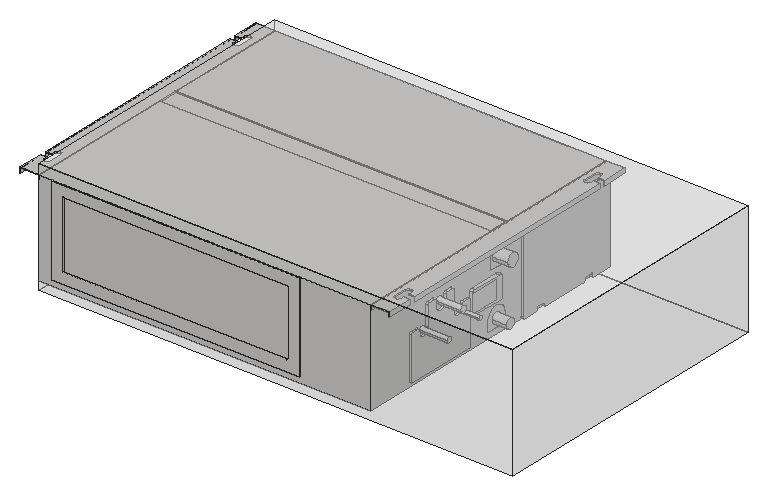
Revit family "outputfile", category 機械設備, Revit 2024
Family settings
  丸型コネクタ寸法 = 半径を使用
  パーツ タイプ = 標準
  OmniClass 番号 = 23.75.10.24.21.27.27
  OmniClass タイトル = Split System Air Conditioning Units
  作業面ベース = いいえ
  常に垂直 = はい
  ロード時にボイドで切り取り = いいえ
  注釈の向きを維持 = いいえ
  共有 = いいえ
  部屋計算ポイント = はい
Parameters (values of type "FPRAQ32APVM")
  Description = ""
  製造元 = "Daikin"
  書き出し IFC クラス(タイプ) = "IfcUnitaryEquipmentType"
  定義済み IFC タイプ(タイプ) = "AIRCONDITIONINGUNIT"
  Cost = 0
  モデル = "FPRAQ32APVM"
  Type Comments = ""
  Keynote = ""
  Type Image = (empty or 0)
  Assembly Code = ""
  r_HP/LP Gas Pipe Size = [HP/LP Gas Pipe Size] / 2  # 4.75 mm
  lw_suctionflange = 40.0 mm  # constant formula
  r_Liquid Pipe Size = Liquid Pipe Size / 2  # 3.2 mm
  r_Gas Pipe Size = Gas Pipe Size / 2  # 6.35 mm
  r_Drain Pipe Size = Drain Pipe Size / 2  # 13.0 mm
  lw_dischargeflange = 61.0 mm
  lw_SA_left = 351.0 mm
  lw_SA = Width - 178.0 mm  # 522.0 mm
  lw_RA = 618.0 mm
  lw_HP/LP Gas = 60.0 mm  # constant formula
  lh_suctionflange [instance] = if(Rear Connection_Return Air, -100.0 mm, -10.0 mm)  # -100.0 mm
  lh_power = 100.0 mm  # constant formula
  lh_mountinghole1 = lh_mountinghole  # 200.0 mm
  lh_dischargeflange = 105.5 mm  # constant formula
  lh_RA = 198.0 mm  # constant formula
  lh_HP/LP Gas = -103.0 mm  # constant formula
  left_pipe = no
  ld_dischargeflange = 310.0 mm  # constant formula
  ld_suctionflange [instance] = if(Rear Connection_Return Air, 190.0 mm, 100.0 mm)  # 190.0 mm
  ld_HP/LP Gas = 179.0 mm  # constant formula
  angle_vertical_RA [instance] = if(Rear Connection_Return Air, 90.00°, 0.00°)  # 90.00°
  angle horizontal_RA [instance] = if(Rear Connection_Return Air, 180.00°, 270.00°)  # 180.00°
  Voltage_comment_60Hz = "220-230"
  Voltage_comment_50Hz = "220 - 240"
  Voltage_60Hz = 220 V
  Voltage_50Hz = 230 V
  URL = ""
  Supply Air Direction [instance] = yes
  Sound Power Level_H speed (dB) = 0
  Rear Connection_Return Air [instance] = not(Bottom Connection_Return Air)  # yes
  ld_RA = 190.0 mm  # constant formula
  Phase_60Hz = 1
  Phase_50Hz = 1
  Minimum External Static Pressure = 0.00 Pa
  Minimum Circuit Amps_60Hz = 0.48 A
  Minimum Circuit Amps_50Hz = 0.48 A
  Maximum Fuse Amps_60Hz = 16.0 A
  Maximum Fuse Amps_50Hz = 16.0 A
  Maximum External Static Pressure = 10.00 Pa
  Material_Casing = DAIKIN_GalvanizedSteel_Casing_indoorunit
  lw_mountinghole = 740.0 mm
  lh_gaspipe = -67.0 mm  # constant formula
  lh_mountinghole = 200.0 mm  # constant formula
  lh_liquidpipe = -103.0 mm  # constant formula
  lh_drainpipe = -50.0 mm  # constant formula
  lh_antena = 1.0 mm  # constant formula
  ld_drainpipe = 23.0 mm  # constant formula
  ld_liquidpipe = 89.0 mm  # constant formula
  ld_gaspipe = 134.0 mm  # constant formula
  ld_mountinghole = 500.0 mm  # constant formula
  h*** = 100.0 mm  # constant formula
  lw_liquidpipe = 54.5 mm  # constant formula
  lw_gaspipe = 54.5 mm  # constant formula
  lw_drainpipe = 33.0 mm  # constant formula
  Width = 700.0 mm
  Version = "ver.1.0"
  Unit Type = "Moisture Control 3D Air Flow Ceiling Mounted Duct Type"
  Unit Mass Weight = 24.00 kg
  Unit Designation [instance] = ""
  Uniclass2015Version = "Products v1.30"
  Uniclass2015Title = "Variable refrigerant flow units"
  Uniclass2015Code = "Pr_70_65_03_94"
  Total Cooling Capacity [instance] = 0.000 kW
  Sound Pressure Level_M speed (dBA) = 29
  Sound Pressure Level_L speed (dBA) = 25
  Sound Pressure Level_H speed (dBA) = 32
  Series = "VRV HOME_Fan Coil Unit"
  Sensible Cooling Capacity [instance] = 0.000 kW
  SA Duct Size Width = 456.0 mm
  SA Duct Size Height = 141.0 mm
  Refrigerant Type = "R410A"
  RA Duct Size Width = 580.0 mm
  RA Duct Size Height = 160.0 mm
  Power Input (Cooling) = 0.036 kW
  Option Accessory 3 [instance] = ""
  Option Accessory 2 [instance] = ""
  Option Accessory 1 [instance] = ""
  Nominal Cooling Capacity = 3.600 kW
  Minimum Airflow = 348.00 m³/h
  Median Airflow = 408.00 m³/h
  Maximum Airflow = 498.00 m³/h
  Load Classification = HVAC
  Liquid Pipe Size = 6.4 mm
  Link_Nested Family [instance] = ""
  IfcVersion = ""
  IfcExportType = "AIRCONDITIONINGUNIT"
  IfcExportAs = "IfcUnitaryEquipmentType"
  Height = 200.0 mm
  Heat Exchanger Type = "Cross Fin Coil"
  HP/LP Gas Pipe Size = 9.5 mm
  Gas Pipe Size = 12.7 mm
  Frequency_60Hz = 60 Hz
  Frequency_50Hz = 50 Hz
  Fan Type = "Sirocco Fan"
  Fan Drive = "Direct Drive"
  FCU Tag No. [instance] = ""
  Drain Pipe Size = 26.0 mm
  Design Supply Airflow [instance] = 0.00 m³/h
  Design Return Airflow [instance] = 0.00 m³/h
  Design External Static Pressure [instance] = 0.00 Pa
  Depth = 620.0 mm
  既定の高さ = 0.0 mm
  Cooling Entering Wet Bulb Temperature [instance] = 0.00 °C
  Cooling Entering Dry Bulb Temperature [instance] = 0.00 °C
  Cooling Ambient Wet Bulb Temperature [instance] = 0.00 °C
  Cooling Ambient Dry Bulb Temperature [instance] = 0.00 °C
  Clearance visibility [instance] = yes
  Clearance Top = 20.0 mm
  Clearance Right = 300.0 mm
  Clearance Rear = 0.0 mm
  Clearance Left = 0.0 mm
  Clearance Front = 0.0 mm
  Clearance Bottom = 20.0 mm
  Bottom Connection_Return Air [instance] = no
Reference planes
  plane 1 "Center (Front/Back)": y = 0
  plane 2 "h": z = 0
  plane 3 "Center (Left/Right)": x = 0
  plane 4 "Back": y = 310
  plane 5 "Front": y = -310
  plane 6 "Left": x = -350
  plane 7 "Reight": x = 350
  plane 8 "Top": z = 0
  plane 9 "Bottom": z = -200
  plane 10: z = 1.2
  plane 11: z = -2
  plane 12: y = -136.255
  plane 13: y = -88.831
  plane 14: x = -370
  plane 15 "lh_mountinghole": z = 0
  plane 16: z = -50
  plane 17: y = -250
  plane 18: y = 250
  plane 19 "ld_liquidpipe": y = -89
  plane 20 "ld_gaspipe": y = -134
  plane 21: y = -215
  plane 22 "ld_drainpipe": y = 23
  plane 23: x = -370
  plane 24: x = -350
  plane 25: x = 348.7
  plane 26: x = 383
  plane 27: x = 357
  plane 28: x = 360
  plane 29: x = 358
  plane 30: x = 370
  plane 31: y = 20
  plane 32: x = 380
  plane 33: x = 348
  plane 34: y = 310
  plane 35: y = -310
  plane 36: x = -350
  plane 37: x = 650
  plane 38: z = 20
  plane 39: z = -220
  plane 40: y = 335
  plane 41: z = -198
  plane 42: z = 205.102
  plane 43 "d_liquid_pipe": x = 404.5
  plane 44 "d_gas_pipe": x = 404.5
  plane 45 "ld_SA": y = -310
  plane 46: x = -350
  plane 47: x = -61
  plane 48: y = 500
  plane 49: z = -94.5
  plane 50: x = -349
  plane 51: z = -199
  plane 52: z = -1
  plane 53: y = 120
  plane 54: y = 110
  plane 55: z = -10
  plane 56 "RA_width": x = -40
  plane 57: y = 210
  plane 58 "RA_depth": y = 120
  plane 59: z = -100
  plane 60: x = -349
  plane 61: y = 309
  plane 62: x = 241.57
  plane 63: z = -30
  plane 64 "ld_HP/LP Gas": y = -179
  plane 65: x = 410
  plane 66: x = 330.5
  plane 67: y = 260.8
  plane 68 "h115": z = -84.79
  plane 69: y = 194.79
Forms (mm)
  Extrusion 1, solid, material "DAIKIN_GalvanizedSteel_Casing_indoorunit" <- "Material_Casing"
    sketch origin (0, 0, 0) x (1, 0, 0) y (0, 1, 0)
      loop
        line (-350, 310) -> (-350, -310) -> (350, -310) -> (350, 310) -> (-350, 310)
    from -200 to 0
  Extrusion 2, solid, material "DAIKIN_GalvanizedSteel_Casing_indoorunit" <- "Material_Casing"
    sketch origin (0, 0, 0) x (0, 1, 0) y (0, 0, 1)
      loop
        arc (22.012, -86.909) -> (21.133, -84.787) -> (19.012, -83.909) r 3
        line (19.012, -83.909) -> (-47.992, -83.909)
        arc (-47.992, -83.909) -> (-50.114, -84.788) -> (-50.992, -86.91) r 3
        line (-50.992, -86.91) -> (-50.992, -128.409)
        arc (-50.992, -128.409) -> (-50.114, -130.53) -> (-47.992, -131.409) r 3
        line (-47.992, -131.409) -> (19.012, -131.409)
        arc (19.012, -131.409) -> (21.133, -130.53) -> (22.012, -128.409) r 3
        line (22.012, -128.409) -> (22.012, -86.909)
    from 350 to 360
  Extrusion 3, void
    sketch origin (0, 0, 0) x (1, 0, 0) y (0, 1, 0)
      loop
        line (348.7, 48.53) -> (-350, 48.53) -> (-350, 6.27) -> (348.7, 6.27) -> (348.7, 48.53)
    from -2 to 0
  Extrusion 4, void
    sketch origin (0, 0, 0) x (0, 1, 0) y (0, 0, 1)
      loop
        line (-138.492, -87.409) -> (-138.492, -127.909) -> (9.612, -127.909) -> (9.612, -87.409) -> (-138.492, -87.409)
    from 358 to 360
  Extrusion 5, solid, material "DAIKIN_GalvanizedSteel_Casing_indoorunit" <- "Material_Casing"
    sketch origin (0, 0, 0) x (0, 1, 0) y (0, 0, 1)
      loop
        circle (20, -170) r 10
    from 350 to 380
  Extrusion 6, solid, material "DAIKIN_GalvanizedSteel_Casing_indoorunit" <- "Material_Casing"
    sketch origin (0, 0, 0) x (0, 1, 0) y (0, 0, 1)
      loop
        circle (23, -50) r 13
    from 348 to 383
  Extrusion 7, void
    sketch origin (0, 0, 0) x (0, 1, 0) y (0, 0, 1)
      loop
        arc (2.051, -70.461) -> (3.512, -73.988) -> (7.039, -75.449) r 4.988
        line (7.039, -75.449) -> (38.961, -75.449)
        arc (38.961, -75.449) -> (42.488, -73.988) -> (43.949, -70.461) r 4.988
        line (43.949, -70.461) -> (43.949, -34.039)
        arc (43.949, -34.039) -> (42.488, -30.512) -> (38.961, -29.051) r 4.988
        line (38.961, -29.051) -> (7.039, -29.051)
        arc (7.039, -29.051) -> (3.512, -30.512) -> (2.051, -34.039) r 4.988
        line (2.051, -34.039) -> (2.051, -70.461)
      loop
        arc (44.442, -169.501) -> (20.002, -145.061) -> (-4.438, -169.501) r 24.44
        line (-4.438, -169.501) -> (-4.438, -189.537) -> (44.442, -189.537) -> (44.442, -169.501)
    from 348 to 350
  Extrusion 8, solid
    sketch origin (0, 0, 0) x (0, 1, 0) y (0, 0, 1)
      loop
        circle (-89, -103) r 3.2
    from 350 to 404.5
  Extrusion 9, solid
    sketch origin (0, 0, 0) x (0, 1, 0) y (0, 0, 1)
      loop
        circle (-134, -67) r 6.35
    from 350 to 404.5
  Extrusion 10, solid, material "DAIKIN_GalvanizedSteel_Casing_indoorunit" <- "Material_Casing"
    sketch origin (0, 0, 0) x (1, 0, 0) y (0, 1, 0)
      loop
        circle (330.5, 260.8) r 17.5
    from -198 to -200
  Extrusion 11, void
    sketch origin (0, 0, 0) x (1, 0, 0) y (0, 0, 1)
      loop
        line (-349, -1) -> (-349, -199) -> (269, -199) -> (269, -1) -> (-349, -1)
    from -310 to -120
  Extrusion 12, void
    sketch origin (0, 0, 0) x (1, 0, 0) y (0, 1, 0)
      loop
        line (-349, 309) -> (-349, 111) -> (269, 111) -> (269, 309) -> (-349, 309)
    from -200 to -10
  Extrusion 13, solid, material "DAIKIN_GalvanizedSteel_Casing_indoorunit" <- "Material_Casing", visible <- "Rear Connection_Return Air"
    sketch origin (0, 0, 0) x (1, 0, 0) y (0, 1, 0)
      loop
        line (269, 309) -> (-349, 309) -> (-349, 111) -> (269, 111) -> (269, 309)
    from -200 to -199
  Extrusion 14, solid, material "DAIKIN_GalvanizedSteel_Casing_indoorunit" <- "Material_Casing", visible <- "Bottom Connection_Return Air"
    sketch origin (0, 0, 0) x (1, 0, 0) y (0, 0, 1)
      loop
        line (269, -1) -> (-349, -1) -> (-349, -199) -> (269, -199) -> (269, -1)
    from -310 to -300
  Extrusion 15, solid
    sketch origin (0, 0, 0) x (0, 1, 0) y (0, 0, 1)
      loop
        circle (-179, -103) r 4.75
    from 350 to 410
  Extrusion 16, solid, material "DAIKIN_GalvanizedSteel_Casing_indoorunit" <- "Material_Casing"
    sketch origin (0, 0, 0) x (0, 1, 0) y (0, 0, 1)
      loop
        arc (83.953, -195.012) -> (84.829, -197.128) -> (86.945, -198.005) r 2.993
        line (86.945, -198.005) -> (116.373, -198.005)
        arc (116.373, -198.005) -> (118.489, -197.128) -> (119.366, -195.012) r 2.993
        line (119.366, -195.012) -> (119.366, -188.29)
        arc (119.366, -188.29) -> (120.862, -186.794) -> (122.359, -188.29) r 1.496
        line (122.359, -188.29) -> (122.359, -190.333) -> (137.322, -190.333) -> (137.322, -188.29)
        arc (137.322, -188.29) -> (138.818, -186.794) -> (140.315, -188.29) r 1.496
        line (140.315, -188.29) -> (140.315, -195.012)
        arc (140.315, -195.012) -> (141.191, -197.128) -> (143.307, -198.005) r 2.993
        line (143.307, -198.005) -> (241.068, -198.005)
        arc (241.068, -198.005) -> (243.185, -197.128) -> (244.061, -195.012) r 2.993
        line (244.061, -195.012) -> (244.061, -188.29)
        arc (244.061, -188.29) -> (245.558, -186.794) -> (247.054, -188.29) r 1.496
        line (247.054, -188.29) -> (247.054, -190.333) -> (262.017, -190.333) -> (262.017, -188.29)
        arc (262.017, -188.29) -> (263.514, -186.794) -> (265.01, -188.29) r 1.496
        line (265.01, -188.29) -> (265.01, -195.012)
        arc (265.01, -195.012) -> (265.887, -197.128) -> (268.003, -198.005) r 2.993
        line (268.003, -198.005) -> (310, -198.005) -> (310, -22.445) -> (280.969, -22.445) -> (277.477, -25.937) -> (207.648, -25.937) -> (204.157, -22.445) -> (86.945, -22.445)
        arc (86.945, -22.445) -> (84.829, -23.322) -> (83.953, -25.438) r 2.993
        line (83.953, -25.438) -> (83.953, -195.012)
      loop
        arc (-116.44, -57.656) -> (-118.563, -58.535) -> (-119.443, -60.659) r 3.003
        line (-119.443, -60.659) -> (-119.443, -71.5)
        arc (-119.443, -71.5) -> (-134, -86.057) -> (-148.557, -71.5) r 14.557
        line (-148.557, -71.5) -> (-148.557, -60.659)
        arc (-148.557, -60.659) -> (-149.437, -58.535) -> (-151.56, -57.656) r 3.003
        line (-151.56, -57.656) -> (-164.073, -57.656)
        arc (-164.073, -57.656) -> (-166.196, -58.535) -> (-167.076, -60.659) r 3.003
        line (-167.076, -60.659) -> (-167.076, -103)
        arc (-167.076, -103) -> (-179.13, -115.055) -> (-191.185, -103) r 12.055
        line (-191.185, -103) -> (-191.185, -98.897)
        arc (-191.185, -98.897) -> (-192.064, -96.774) -> (-194.188, -95.894) r 3.003
        line (-194.188, -95.894) -> (-208.202, -95.894)
        arc (-208.202, -95.894) -> (-210.325, -96.774) -> (-211.205, -98.897) r 3.003
        line (-211.205, -98.897) -> (-211.205, -189.537) -> (-58.882, -189.537) -> (-58.882, -98.897)
        arc (-58.882, -98.897) -> (-59.762, -96.774) -> (-61.885, -95.894) r 3.003
        line (-61.885, -95.894) -> (-74.026, -95.894)
        arc (-74.026, -95.894) -> (-76.15, -96.774) -> (-77.029, -98.897) r 3.003
        line (-77.029, -98.897) -> (-77.029, -103)
        arc (-77.029, -103) -> (-88.977, -114.948) -> (-100.924, -103) r 11.948
        line (-100.924, -103) -> (-100.924, -60.659)
        arc (-100.924, -60.659) -> (-101.804, -58.535) -> (-103.927, -57.656) r 3.003
        line (-103.927, -57.656) -> (-116.44, -57.656)
    from 350 to 357
  Revolve 17, solid, material "DAIKIN_GalvanizedSteel_Casing_indoorunit" <- "Material_Casing", visible <- "left_pipe"
    sketch origin (0, 0, -84.79) x (0, 1, 0) y (-1, 0, 0)
      loop
        line (194.79, 350) -> (194.79, 365.7) -> (187.29, 365.7) -> (187.29, 358.7) -> (177.29, 358.7) -> (177.29, 350) -> (194.79, 350)
      axis (194.79, 365.7) -> (194.79, 350)
    angle from 0 to 360
Cuts and joins
  Extrusion 3, Extrusion 4, Extrusion 7, Extrusion 11, Extrusion 12 cuts Extrusion 1
  Extrusion 4 cuts Extrusion 2
  Extrusion 11 cuts Extrusion 6
Dimensions and locks
  "Height": plane 8 "Top" to plane 9 "Bottom"
  locked: plane 10 to plane 8 "Top" at 1.2
  locked: plane 8 "Top" to plane 11 at 2
  equal spacing: plane 17, plane 1 "Center (Front/Back)", plane 18
  "ld_mountinghole": plane 17 to plane 18
  "ld_gaspipe": plane 20 "ld_gaspipe" to plane 1 "Center (Front/Back)"
  "ld_liquidpipe": plane 19 "ld_liquidpipe" to plane 1 "Center (Front/Back)"
  equal spacing: plane 4 "Back", plane 1 "Center (Front/Back)", plane 5 "Front"
  "Depth": plane 4 "Back" to plane 5 "Front"
  locked: plane 12 to plane 1 "Center (Front/Back)" at 136.255
  locked: plane 12 to plane 13 at 47.425
  locked: plane 13 to plane 1 "Center (Front/Back)" at 88.831
  equal spacing: plane 6 "Left", plane 3 "Center (Left/Right)", plane 7 "Reight"
  "Width": plane 6 "Left" to plane 7 "Reight"
  "lw_drainpipe": plane 7 "Reight" to plane 26
  locked: plane 7 "Reight" to plane 27 at 7
  locked: plane 28 to plane 26 at 23
  locked: plane 29 to plane 26 at 25
  equal spacing: plane 23, plane 3 "Center (Left/Right)", plane 30
  "lw_mountinghole": plane 23 to plane 30
  locked: plane 7 "Reight" to plane 32 at 30
  locked: plane 33 to plane 7 "Reight" at 2
  "Clearance Left": plane 36 to plane 6 "Left"
  "Clearance Right": plane 7 "Reight" to plane 37
  "Clearance Rear": plane 34 to plane 4 "Back"
  "Clearance Front": plane 5 "Front" to plane 35
  "Clearance Top": plane 38 to plane 8 "Top"
  "Clearance Bottom": plane 9 "Bottom" to plane 39
  locked: plane 40 to plane 4 "Back" at 25
  locked: plane 25 to plane 7 "Reight" at 1.3
  locked: plane 41 to plane 9 "Bottom" at 2
  "lw_liquidpipe": plane 7 "Reight" to plane 43 "d_liquid_pipe"
  "lw_gaspipe": plane 7 "Reight" to plane 44 "d_gas_pipe"
  "lh_mountinghole": plane 15 "lh_mountinghole" to plane 9 "Bottom"
  "ld_suctionflange": plane 48 to plane 4 "Back"
  "lw_dischargeflange": plane 47 to plane 3 "Center (Left/Right)"
  "lh_dischargeflange": plane 49 to plane 9 "Bottom"
  locked: plane 8 "Top" to plane 52 at 1
  locked: plane 50 to plane 6 "Left" at 1
  locked: plane 51 to plane 9 "Bottom" at 1
  locked: plane 55 to plane 9 "Bottom" at 190
  locked: plane 4 "Back" to plane 53 at 190
  locked: plane 4 "Back" to plane 54 at 200
  locked: plane 4 "Back" to plane 57 at 100
  "lw_suctionflange": plane 56 "RA_width" to plane 3 "Center (Left/Right)"
  "ld_suctionflange": plane 4 "Back" to plane 58 "RA_depth"
  "lh_power": plane 59 to plane 9 "Bottom"
  locked: plane 46 to plane 60 at 1
  locked: plane 34 to plane 61 at 1
  locked: plane 8 "Top" to plane 63 at 30
  locked: plane 7 "Reight" to plane 62 at 108.43
  locked: plane 16 to plane 9 "Bottom" at 150
  locked: Extrusion 3 sketch curve to Extrusion 3 sketch curve at 42.26
  "ld_HP/LP Gas": plane 64 "ld_HP/LP Gas" to plane 1 "Center (Front/Back)"
  "ld_drainpipe": plane 1 "Center (Front/Back)" to plane 22 "ld_drainpipe"
  locked: plane 1 "Center (Front/Back)" to plane 31 at 20
  locked: Extrusion 5 sketch curve to plane 9 "Bottom" at 30
  Extrusion 15 sketch curve to plane 9 "Bottom" = 97.0 mm
  "lw_HP/LP Gas": plane 7 "Reight" to plane 65
  locked: Extrusion 9 sketch curve to plane 9 "Bottom" at 133
  locked: Extrusion 8 sketch curve to plane 9 "Bottom" at 97
  plane 66 to plane 7 "Reight" = 19.5 mm
  locked: plane 68 "h115" to plane 9 "Bottom" at 115.21
  locked: plane 4 "Back" to plane 69 at 115.21
  Revolve 17 sketch curve to plane 6 "Left" = 8.7 mm
  Revolve 17 sketch curve to plane 6 "Left" = 15.7 mm
  locked: plane 69 to Revolve 17 sketch curve at 17.5
  locked: plane 69 to Revolve 17 sketch curve at 7.5
  "ld_dischargeflange": plane 45 "ld_SA" to plane 1 "Center (Front/Back)"
  plane 4 "Back" to cut or joined group of Extrusion 1, Extrusion 3, Extrusion 4, Extrusion 7, Extrusion 11, Extrusion 12 = 261.47 mm
  plane 4 "Back" to plane 67 = 49.2 mm
  "Drain Pipe Size": diameter of Extrusion 6 sketch curve
  "Liquid Pipe Size": diameter of Extrusion 8 sketch curve
  "Gas Pipe Size": diameter of Extrusion 9 sketch curve
  "HP/LP Gas Pipe Size": diameter of Extrusion 15 sketch curve
  aligned and locked: level to plane 2 "h"
  aligned and locked: plane 8 "Top" to Extrusion 1
  aligned and locked: Extrusion 1 to plane 9 "Bottom"
  aligned and locked: Extrusion 3 to plane 11
  aligned and locked: plane 8 "Top" to Extrusion 3
  aligned and locked: Extrusion 2 to Extrusion 4
  aligned and locked: nested 3 to plane 20 "ld_gaspipe"
  aligned and locked: nested 4 to plane 19 "ld_liquidpipe"
  aligned and locked: nested 5 to plane 22 "ld_drainpipe"
  aligned and locked: nested 1 to plane 7 "Reight"
  aligned and locked: plane 6 "Left" to plane 24
  aligned and locked: Extrusion 3 sketch curve to plane 24
  aligned and locked: Extrusion 3 sketch curve to plane 25
  aligned and locked: cut or joined group of Extrusion 1, Extrusion 3, Extrusion 4, Extrusion 7, Extrusion 11, Extrusion 12 to plane 6 "Left"
  aligned and locked: plane 7 "Reight" to cut or joined group of Extrusion 1, Extrusion 3, Extrusion 4, Extrusion 7, Extrusion 11, Extrusion 12
  aligned and locked: plane 26 to Extrusion 6
  aligned and locked: Extrusion 6 to plane 26  (x2)
  aligned and locked: plane 7 "Reight" to nested 1
  aligned and locked: plane 28 to cut or joined group of Extrusion 2, Extrusion 4
  aligned and locked: cut or joined group of Extrusion 2, Extrusion 4 to plane 29
  aligned and locked: nested 2 to plane 6 "Left"
  aligned and locked: plane 31 to Extrusion 5 sketch curve
  aligned and locked: Extrusion 5 to plane 7 "Reight"
  aligned and locked: plane 32 to Extrusion 5
  aligned and locked: Extrusion 2 to plane 7 "Reight"
  aligned and locked: plane 7 "Reight" to Extrusion 7
  aligned and locked: plane 33 to Extrusion 7
  aligned and locked: plane 33 to Extrusion 6
  aligned and locked: plane 3 "Center (Left/Right)" to nested 6
  aligned and locked: plane 1 "Center (Front/Back)" to nested 6
  aligned and locked: plane 4 "Back" to cut or joined group of Extrusion 1, Extrusion 3, Extrusion 4, Extrusion 7, Extrusion 11, Extrusion 12
  aligned and locked: nested 7 to plane 35
  aligned and locked: plane 36 to nested 7
  aligned and locked: plane 37 to nested 7
  aligned and locked: nested 7 to plane 36
  aligned and locked: plane 34 to nested 7
  aligned and locked: plane 38 to nested 7
  aligned and locked: plane 39 to nested 7
  aligned and locked: Extrusion 8 to plane 7 "Reight"
  aligned and locked: plane 43 "d_liquid_pipe" to Extrusion 8
  aligned and locked: plane 20 "ld_gaspipe" to Extrusion 9 sketch curve
  aligned and locked: Extrusion 9 to plane 7 "Reight"
  aligned and locked: plane 44 "d_gas_pipe" to Extrusion 9
  aligned and locked: plane 44 "d_gas_pipe" to nested 3
  aligned and locked: plane 43 "d_liquid_pipe" to nested 4
  aligned and locked: plane 19 "ld_liquidpipe" to Extrusion 8 sketch curve
  aligned and locked: plane 15 "lh_mountinghole" to nested 2
  aligned and locked: plane 15 "lh_mountinghole" to nested 1
  aligned and locked: plane 30 to nested 8
  aligned and locked: plane 17 to nested 8
  aligned and locked: plane 30 to nested 11
  aligned and locked: plane 18 to nested 11
  aligned and locked: plane 23 to nested 9
  aligned and locked: plane 18 to nested 9
  aligned and locked: plane 23 to nested 10
  aligned and locked: plane 17 to nested 10
  aligned and locked: plane 47 to nested 12
  aligned and locked: plane 49 to nested 12
  aligned and locked: Extrusion 10 to plane 9 "Bottom"
  aligned and locked: nested 13 to plane 9 "Bottom"
  aligned and locked: plane 50 to Extrusion 11 sketch curve
  aligned and locked: Extrusion 11 sketch curve to plane 52
  aligned and locked: plane 51 to Extrusion 11 sketch curve
  aligned and locked: plane 4 "Back" to Extrusion 11
  aligned and locked: Extrusion 12 to plane 9 "Bottom"
  aligned and locked: plane 55 to Extrusion 12
  aligned and locked: Extrusion 13 sketch curve to cut or joined group of Extrusion 1, Extrusion 3, Extrusion 4, Extrusion 7, Extrusion 11, Extrusion 12
  aligned and locked: cut or joined group of Extrusion 1, Extrusion 3, Extrusion 4, Extrusion 7, Extrusion 11, Extrusion 12 to Extrusion 13 sketch curve
  aligned and locked: Extrusion 13 to plane 9 "Bottom"
  aligned and locked: Extrusion 11 to plane 53
  aligned and locked: Extrusion 14 sketch curve to cut or joined group of Extrusion 1, Extrusion 3, Extrusion 4, Extrusion 7, Extrusion 11, Extrusion 12  (x3)
  aligned and locked: plane 4 "Back" to Extrusion 14
  aligned and locked: Extrusion 13 to cut or joined group of Extrusion 1, Extrusion 3, Extrusion 4, Extrusion 7, Extrusion 11, Extrusion 12
  aligned and locked: plane 7 "Reight" to nested 5
  aligned and locked: plane 22 "ld_drainpipe" to nested 5
  aligned and locked: nested 2 to plane 1 "Center (Front/Back)"
  aligned and locked: plane 22 "ld_drainpipe" to Extrusion 6 sketch curve
  aligned and locked: plane 7 "Reight" to nested 17
  aligned and locked: plane 64 "ld_HP/LP Gas" to nested 17
  aligned and locked: plane 64 "ld_HP/LP Gas" to Extrusion 15 sketch curve
  aligned and locked: Extrusion 15 to plane 65
  aligned and locked: Extrusion 16 to plane 7 "Reight"
  aligned and locked: Extrusion 16 to plane 27
  aligned and locked: plane 67 to Extrusion 10 sketch curve
  aligned and locked: plane 66 to Extrusion 10 sketch curve
  aligned and locked: plane 66 to nested 13
  aligned and locked: plane 67 to nested 13
  aligned and locked: nested 16 to Extrusion 13 sketch curve
  aligned and locked: plane 56 "RA_width" to nested 15
  aligned and locked: Extrusion 15 to plane 7 "Reight"
  aligned and locked: plane 56 "RA_width" to nested 16
  aligned and locked: Revolve 17 sketch curve to plane 69  (x2)
  aligned and locked: nested 15 to plane 58 "RA_depth"
  aligned and locked: plane 47 to nested 18
  aligned and locked: nested 18 to plane 49
  aligned and locked: plane 1 "Center (Front/Back)" to nested 12
  aligned and locked: plane 45 "ld_SA" to nested 18
  aligned and locked: plane 5 "Front" to Extrusion 1 sketch curve
Automatic sketch dimensions
  Extrusion 1 sketch curve to plane 6 "Left" = 0.0 mm
  Extrusion 1 sketch curve to plane 7 "Reight" = 0.0 mm
  Extrusion 1 sketch curve to plane 4 "Back" = 0.0 mm
  plane 6 "Left" to Extrusion 12 sketch curve = 1.0 mm
  Extrusion 12 sketch curve to plane 7 "Reight" = 81.0 mm
  Extrusion 12 sketch curve to plane 4 "Back" = 1.0 mm
  Extrusion 13 sketch curve to plane 4 "Back" = 1.0 mm
  plane 33 to Extrusion 14 sketch curve = 79.0 mm
  plane 33 to Extrusion 11 sketch curve = 79.0 mm
  plane 54 to Extrusion 12 sketch curve = 1.0 mm
  Extrusion 6 sketch curve to plane 16 = 0.0 mm
  Extrusion 2 sketch curve to Extrusion 2 sketch curve = 3.0 mm  (x5)
  Extrusion 2 sketch curve to plane 49 = 7.591 mm
  Extrusion 4 sketch curve to plane 49 = 7.091 mm
  Extrusion 4 sketch curve to plane 1 "Center (Front/Back)" = 9.612 mm
  plane 20 "ld_gaspipe" to Extrusion 4 sketch curve = 4.492 mm
  Extrusion 4 sketch curve to plane 59 = 27.909 mm
  plane 22 "ld_drainpipe" to Extrusion 2 sketch curve = 3.988 mm
  Extrusion 2 sketch curve to plane 59 = 28.409 mm
  Extrusion 2 sketch curve to plane 19 "ld_liquidpipe" = 41.008 mm
  plane 1 "Center (Front/Back)" to Extrusion 7 sketch curve = 4.438 mm
  Extrusion 7 sketch curve to plane 1 "Center (Front/Back)" = 2.051 mm
  plane 63 to Extrusion 7 sketch curve = 0.949 mm
  Extrusion 7 sketch curve to plane 1 "Center (Front/Back)" = 7.039 mm  (x2)
  plane 22 "ld_drainpipe" to Extrusion 7 sketch curve = 2.998 mm
  Extrusion 7 sketch curve to plane 22 "ld_drainpipe" = 15.961 mm  (x2)
  Extrusion 7 sketch curve to Extrusion 7 sketch curve = 4.988 mm
  Extrusion 7 sketch curve to plane 49 = 24.039 mm
  plane 41 to Extrusion 7 sketch curve = 28.499 mm
  plane 41 to Extrusion 7 sketch curve = 8.463 mm
  Extrusion 16 sketch curve to plane 21 = 3.795 mm  (x2)
  Extrusion 16 sketch curve to Extrusion 16 sketch curve = 3.003 mm  (x6)
  plane 49 to Extrusion 16 sketch curve = 1.394 mm  (x4)
  Extrusion 16 sketch curve to Extrusion 16 sketch curve = 0.0 mm  (x18)
  plane 49 to Extrusion 16 sketch curve = 4.397 mm  (x2)
  Extrusion 16 sketch curve to Extrusion 16 sketch curve = 14.014 mm
  Extrusion 16 sketch curve to plane 64 "ld_HP/LP Gas" = 0.13 mm
  plane 64 "ld_HP/LP Gas" to Extrusion 16 sketch curve = 11.924 mm
  Extrusion 16 sketch curve to Extrusion 16 sketch curve = 12.513 mm  (x2)
  plane 20 "ld_gaspipe" to Extrusion 16 sketch curve = 0.0 mm
  Extrusion 16 sketch curve to plane 59 = 3.0 mm  (x3)
  plane 19 "ld_liquidpipe" to Extrusion 16 sketch curve = 11.924 mm
  Extrusion 16 sketch curve to plane 19 "ld_liquidpipe" = 0.023 mm
  Extrusion 16 sketch curve to Extrusion 16 sketch curve = 12.141 mm
  plane 41 to Extrusion 16 sketch curve = 8.463 mm
  Extrusion 16 sketch curve to plane 19 "ld_liquidpipe" = 30.118 mm
  plane 63 to Extrusion 16 sketch curve = 4.562 mm
  Extrusion 16 sketch curve to plane 53 = 36.047 mm
  Extrusion 16 sketch curve to Extrusion 16 sketch curve = 2.993 mm  (x4)
  Extrusion 16 sketch curve to plane 41 = 0.005 mm  (x3)
  Extrusion 16 sketch curve to plane 53 = 3.627 mm
  Extrusion 16 sketch curve to plane 53 = 0.634 mm
  plane 53 to Extrusion 16 sketch curve = 0.862 mm
  Extrusion 16 sketch curve to Extrusion 16 sketch curve = 14.963 mm
  Extrusion 16 sketch curve to Extrusion 16 sketch curve = 1.496 mm  (x3)
  Extrusion 16 sketch curve to plane 57 = 5.843 mm
  Extrusion 16 sketch curve to plane 57 = 2.352 mm
  plane 18 to Extrusion 16 sketch curve = 8.932 mm
  plane 18 to Extrusion 16 sketch curve = 5.939 mm
  Extrusion 16 sketch curve to plane 18 = 12.017 mm
  plane 63 to Extrusion 16 sketch curve = 4.063 mm
  Extrusion 16 sketch curve to plane 18 = 27.477 mm
  Extrusion 16 sketch curve to Extrusion 16 sketch curve = 3.491 mm
  Extrusion 16 sketch curve to plane 4 "Back" = 0.0 mm
  Extrusion 16 sketch curve to Extrusion 16 sketch curve = 4.679 mm  (x2)
  Extrusion 16 sketch curve to Extrusion 16 sketch curve = 2.042 mm  (x4)
  Extrusion 16 sketch curve to plane 49 = 23.0 mm
  Extrusion 16 sketch curve to Extrusion 16 sketch curve = 10.841 mm  (x4)
  plane 63 to Extrusion 16 sketch curve = 7.555 mm
  Revolve 17 sketch curve to plane 6 "Left" = 0.0 mm
  plane 60 to Revolve 17 sketch curve = 53.3 mm
  Revolve 17 sketch curve to plane 14 = 10.7 mm
  Extrusion 3 sketch curve to plane 1 "Center (Front/Back)" = 6.27 mm
  radius of Extrusion 5 sketch curve = 10.0 mm
  radius of Extrusion 10 sketch curve = 17.5 mm
Nested families
  nested 1: "daikin_hangerfixture_FPRSQ-APVM" at (350, 0, 0), type "daikin_hangerfixture_FPRSQ-APVM"
  nested 2: "daikin_hangerfixture_FPRSQ-APVM" at (-350, 0, 0) x (-1, 0, 0) z (0, 0, 1), type "daikin_hangerfixture_FPRSQ-APVM"
  nested 3: "daikin_connector_rotate2" at (350, -134, -67) x (0, 1, 0) z (0, 0, 1), length <- "lw_gaspipe", built-in parameter 1001364 <- "lh_gaspipe", type "daikin_connector_rotate2"
    with radius 6.35 mm, length 54.5 mm, angle_vertical 90.00°
  nested 4: "daikin_connector_rotate2" at (350, -89, -103) x (0, 1, 0) z (0, 0, 1), length <- "lw_liquidpipe", built-in parameter 1001364 <- "lh_liquidpipe", type "daikin_connector_rotate2"
    with radius 3.2 mm, length 54.5 mm, angle_vertical 90.00°
  nested 5: "daikin_connector_rotate2" at (350, 23, -50) x (0, 1, 0) z (0, 0, 1), length <- "lw_drainpipe", built-in parameter 1001364 <- "lh_drainpipe", type "daikin_connector_rotate2"
    with radius 10.0 mm, length 33.0 mm, angle_vertical 90.00°
  nested 6: "daikin_△_symbolicline" at (0, 0, 200), built-in parameter 1001364 <- "Height", visible <- "Supply Air Direction", type "daikin_△_symbolicline"
    with length 200.0 mm
  nested 7: "daikin_clearancespace" at (150, 0, -99.881), visible <- "Clearance visibility", show <- "Clearance visibility", Link_Nested Family <- "Link_Nested Family", type "daikin_clearancespace"
    with width 1000.0 mm, show yes, height 240.0 mm, depth 620.0 mm, Link_Nested Family ""
  nested 8: "daikin_mountinghole" at (370, -250, -200), l_antenna <- "lh_antena", Link_Nested Family <- "Link_Nested Family", h_mountinghole <- "lh_mountinghole1", type "daikin_mountinghole"
    with show yes, l_antenna 1.0 mm, h_mountinghole 200.0 mm, Link_Nested Family ""
  nested 9: "daikin_mountinghole" at (-370, 250, -200), l_antenna <- "lh_antena", Link_Nested Family <- "Link_Nested Family", h_mountinghole <- "lh_mountinghole1", type "daikin_mountinghole"
    with show yes, l_antenna 1.0 mm, h_mountinghole 200.0 mm, Link_Nested Family ""
  nested 10: "daikin_mountinghole" at (-370, -250, -200), l_antenna <- "lh_antena", Link_Nested Family <- "Link_Nested Family", h_mountinghole <- "lh_mountinghole1", type "daikin_mountinghole"
    with show yes, l_antenna 1.0 mm, h_mountinghole 200.0 mm, Link_Nested Family ""
  nested 11: "daikin_mountinghole" at (370, 250, -200), l_antenna <- "lh_antena", Link_Nested Family <- "Link_Nested Family", h_mountinghole <- "lh_mountinghole1", type "daikin_mountinghole"
    with show yes, l_antenna 1.0 mm, h_mountinghole 200.0 mm, Link_Nested Family ""
  nested 12: "daikin_connector_rotate2" at (-61, 0, -94.5), length <- "ld_dischargeflange", type "daikin_connector_rotate2"
    with radius 10.0 mm, length 310.0 mm, angle_vertical 90.00°
  nested 13: "daikin_connector_rotate2" at (330.5, 260.8, -100) x (1, 0, 0) z (0, -1, 0), length <- "lh_power", type "daikin_connector_rotate2"
    with radius 10.0 mm, length 100.0 mm, angle_vertical 90.00°
  nested 14: "daikin_ductflange_FPRSQ-APVM2" at (-40, 310, -199), height <- "lh_RA", width <- "lw_RA", visible <- "Rear Connection_Return Air", type "daikin_ductflange_FPRSQ-APVM2"
    with width 618.0 mm, height 198.0 mm, depth 8.188 mm
  nested 15: "daikin_connector_rotate3" at (-40, 120, -100), built-in parameter 1001364 <- "lh_suctionflange", length <- "ld_RA", angle_vertical <- "angle_vertical_RA", angle_horizontal <- "angle horizontal_RA", type "daikin_connector_rotate3"
    with show no, radius 10.0 mm, length 190.0 mm, angle_vertical 90.00°, angle_horizontal 180.00°
  nested 16: "daikin_ductflange_FPRSQ-APVM2" at (-40, 111, -200) x (1, 0, 0) z (0, 1, 0), width <- "lw_RA", height <- "lh_RA", visible <- "Bottom Connection_Return Air", type "daikin_ductflange_FPRSQ-APVM2"
    with width 618.0 mm, height 198.0 mm, depth 562.323 mm
  nested 17: "daikin_connector_rotate2" at (350, -179, -103) x (0, 1, 0) z (0, 0, 1), length <- "lw_HP/LP Gas", built-in parameter 1001364 <- "lh_HP/LP Gas", type "daikin_connector_rotate2"
    with radius 4.8 mm, length 60.0 mm, angle_vertical 90.00°
  nested 18: "daikin_ductflange_FPRSQ-APVM3" at (-61, -310, -193.5), height <- "lh_RA", width <- "lw_SA", type "daikin_ductflange_FPRSQ-APVM3"
    with width 522.0 mm, height 198.0 mm, depth 1.0 mm
Connectors
  piping at (404.5, -134, -67), diameter 12.7, driven by "r_Gas Pipe Size"
    settings: on nested 3, index 3, connector inside diameter 609.6 mm, connector length 0.0 mm, flow factor 0, pipe flow 0.00 m³/h, pressure drop 0.0 Pa, fitting loss kfactor 0, connector angle 0.00°, fixture units 0, engagement length 0.0 mm, angle of deflection 0.00°, flow configuration 1, flow direction 2, fitting loss method 0, system type 29, joint type 0, gender type 0, connector reference index -1, connector utility 0, adjustable connector no, is connector primary yes, connector description "Refrigerant Gas Piping"
  piping at (404.5, -89, -103), diameter 6.4, driven by "r_Liquid Pipe Size"
    settings: on nested 4, index 4, connector inside diameter 609.6 mm, connector length 0.0 mm, flow factor 0, pipe flow 0.00 m³/h, pressure drop 0.0 Pa, fitting loss kfactor 0, connector angle 0.00°, fixture units 0, engagement length 0.0 mm, angle of deflection 0.00°, flow configuration 1, flow direction 1, fitting loss method 0, system type 29, joint type 0, gender type 0, connector reference index -1, connector utility 0, adjustable connector no, is connector primary no, connector description "Refrigerant Liquid Piping"
  piping at (383, 23, -50), diameter 26, driven by "r_Drain Pipe Size"
    settings: on nested 5, index 5, connector inside diameter 609.6 mm, connector length 0.0 mm, flow factor 0, pipe flow 0.00 m³/h, pressure drop 0.0 Pa, fitting loss kfactor 0, connector angle 0.00°, fixture units 0, engagement length 0.0 mm, angle of deflection 0.00°, flow configuration 1, flow direction 2, fitting loss method 4, system type 16, joint type 0, gender type 0, connector reference index -1, connector utility 0, adjustable connector no, is connector primary no, connector description "Condensate Drain Piping"
  electrical at (330.5, 260.8, -200), driven by "Load Classification"
    settings: on nested 13, index 12, voltage 0 V, apparent load 0 VA, apparent load phase1 0 VA, apparent load phase2 0 VA, apparent load phase3 0 VA, power factor 1, load classification "HVAC", number of poles 1, system type 30, power factor state 1, is connector primary yes, connector utility no, sub classification motor no, connector description "Power Supply"
  hvac at (-40, 310, -100), driven by "RA Duct Size Height", driven by "RA Duct Size Width"
    settings: on nested 15, index 13, duct flow 0.00 m³/h, flow factor 0, pres drop 0.00 Pa, loss coef 0, conn angle 0.00°, conn width 580.0 mm, conn height 160.0 mm, conn diameter 609.6 mm, duct sys type 2, conn prof type 1, flow config 0, flow direction 1, loss method 4, conn ref index -1, conn util no, is conn primary yes, conn desc "RA Duct"
  piping at (410, -179, -103), diameter 9.5, driven by "r_HP/LP Gas Pipe Size"
    settings: on nested 17, index 14, connector inside diameter 609.6 mm, connector length 0.0 mm, flow factor 0, pipe flow 0.00 m³/h, pressure drop 0.0 Pa, fitting loss kfactor 0, connector angle 0.00°, fixture units 0, engagement length 0.0 mm, angle of deflection 0.00°, flow configuration 1, flow direction 0, fitting loss method 0, system type 29, joint type 0, gender type 0, connector reference index -1, connector utility 0, adjustable connector no, is connector primary no, connector description "Refrigerant HP/LP Gas Piping"
  hvac at (-61, -310, -94.5), driven by "SA Duct Size Height", driven by "SA Duct Size Width"
    settings: on nested 12, index 15, duct flow 0.00 m³/h, flow factor 0, pres drop 0.00 Pa, loss coef 0, conn angle 0.00°, conn width 456.0 mm, conn height 141.0 mm, conn diameter 609.6 mm, duct sys type 1, conn prof type 1, flow config 0, flow direction 2, loss method 4, conn ref index -1, conn util no, is conn primary no, conn desc "SA Duct"
Definition of nested family "daikin_hangerfixture_FPRSQ-APVM"
  Parameters (values of type "daikin_hangerfixture_FXDSQ-AVM")
    width = 40.0 mm
    material = none
    height = 10.0 mm
    depth = 620.0 mm
    Default Elevation = 0.0 mm
  Reference planes
    plane 1 "Center (Front/Back)": y = 0
    plane 2: z = 0
    plane 3 "Center (Left/Right)": x = 0
    plane 4: y = 417.146
    plane 5: z = -1.6
    plane 6: x = 40
    plane 7: y = 310
    plane 8: y = -310
    plane 9: y = -313.5
    plane 10: y = 313.5
    plane 11: z = -10
    plane 12: x = 1.5
  Forms (mm)
    Extrusion 1, solid, material <- "material"
      sketch origin (0, 0, 0) x (1, 0, 0) y (0, 1, 0)
        loop
          line (12.981, 236.965) -> (12.981, 263.035)
          arc (12.981, 263.035) -> (20, 270.054) -> (27.019, 263.035) r 7.019
          line (27.019, 263.035) -> (27.019, 256.518) -> (40, 256.518) -> (40, 310) -> (0, 310) -> (0, -310) -> (40, -310) -> (40, -256.518) -> (27.019, -256.518) -> (27.019, -263.035)
          arc (27.019, -263.035) -> (20, -270.054) -> (12.981, -263.035) r 7.019
          line (12.981, -263.035) -> (12.981, -236.965)
          arc (12.981, -236.965) -> (20, -229.946) -> (27.019, -236.965) r 7.019
          line (27.019, -236.965) -> (27.019, -243.482) -> (40, -243.482) -> (40, 243.482) -> (27.019, 243.482) -> (27.019, 236.965)
          arc (27.019, 236.965) -> (20, 229.946) -> (12.981, 236.965) r 7.019
      from -1.6 to 0
    Extrusion 2, solid, material <- "material"
      sketch origin (0, 0, 0) x (0, 1, 0) y (0, 0, 1)
        loop
          line (310, -10) -> (310, 0) -> (-310, 0) -> (-310, -10) -> (310, -10)
      from 0 to 1.5
    Extrusion 3, solid, material <- "material"
      sketch origin (0, 0, 0) x (0, 1, 0) y (0, 0, 1)
        loop
          line (-310, -10) -> (-256.518, -10) -> (-256.518, 0) -> (-310, 0) -> (-310, -10)
        loop
          line (310, -10) -> (310, 0) -> (256.518, 0) -> (256.518, -10) -> (310, -10)
        loop
          line (-243.482, 0) -> (-243.482, -10) -> (243.482, -10) -> (243.482, 0) -> (-243.482, 0)
      from 38.442 to 40
  Cuts and joins
    joined: Extrusion 1, Extrusion 2, Extrusion 3
  Dimensions and locks
    "width": plane 3 "Center (Left/Right)" to plane 6
    "depth": plane 8 to plane 7
    equal spacing: plane 8, plane 1 "Center (Front/Back)", plane 7
    locked: plane 9 to plane 8 at 3.5
    locked: plane 7 to plane 10 at 3.5
    "height": level to plane 11
    locked: plane 12 to plane 3 "Center (Left/Right)" at 1.5
    locked: Extrusion 3 to plane 6 at 1.558
    aligned and locked: level to plane 2
    aligned and locked: level to Extrusion 1
    aligned and locked: Extrusion 1 to plane 5
    aligned and locked: level to Extrusion 2 sketch curve
    aligned and locked: plane 12 to Extrusion 2
    aligned and locked: level to Extrusion 3 sketch curve
    aligned and locked: plane 6 to cut or joined group of Extrusion 1, Extrusion 2, Extrusion 3
    aligned and locked: cut or joined group of Extrusion 1, Extrusion 2, Extrusion 3 to plane 11
  Automatic sketch dimensions
    Extrusion 2 sketch curve to plane 7 = 0.0 mm
    Extrusion 1 sketch curve to plane 3 "Center (Left/Right)" = 0.0 mm
    Extrusion 1 sketch curve to plane 6 = 0.0 mm  (x3)
    plane 8 to Extrusion 1 sketch curve = 0.0 mm
    plane 7 to Extrusion 1 sketch curve = 0.0 mm
    plane 12 to Extrusion 1 sketch curve = 11.481 mm  (x2)
    Extrusion 1 sketch curve to Extrusion 1 sketch curve = 7.019 mm  (x4)
    Extrusion 1 sketch curve to plane 8 = 46.965 mm
    Extrusion 1 sketch curve to Extrusion 1 sketch curve = 6.518 mm  (x4)
    Extrusion 1 sketch curve to Extrusion 1 sketch curve = 13.035 mm  (x2)
    plane 7 to Extrusion 1 sketch curve = 73.035 mm
    Extrusion 3 sketch curve to plane 8 = 0.0 mm
    Extrusion 3 sketch curve to level = 0.0 mm  (x2)
    Extrusion 3 sketch curve to plane 7 = 0.0 mm
    Extrusion 3 sketch curve to plane 8 = 53.482 mm
    Extrusion 3 sketch curve to Extrusion 3 sketch curve = 13.035 mm  (x2)
    plane 7 to Extrusion 3 sketch curve = 66.518 mm
    Extrusion 2 sketch curve to plane 8 = 0.0 mm
    Extrusion 2 sketch curve to plane 11 = 0.0 mm
    Extrusion 3 sketch curve to plane 11 = 0.0 mm  (x3)
Definition of nested family "daikin_clearancespace"
  Parameters (values of type "daikin_clearancespace")
    Description = "daikin_clearancespace"
    width [instance] = 1823.963 mm
    show [instance] = yes
    material = none
    height [instance] = 1359.762 mm
    depth [instance] = 880.0 mm
    Default Elevation = 0.0 mm
    Link_Nested Family [instance] = ""
  Reference planes
    plane 1 "Center (Front/Back)": y = 0
    plane 2 "Center (Elevation)": z = -0.119
    plane 3 "Center (Left/Right)": x = 0
    plane 4: y = 440
    plane 5: y = -440
    plane 6 "Right": x = 911.982
    plane 7 "Left": x = -911.982
    plane 8 "Top": z = 679.762
    plane 9 "Bottom": z = -680
  Forms (mm)
    Extrusion 1, solid, material <- "material", visible <- "show"
      sketch origin (0, 0, 0) x (1, 0, 0) y (0, 1, 0)
        loop
          line (-911.982, 440) -> (-911.982, -440) -> (911.982, -440) -> (911.982, 440) -> (-911.982, 440)
      from -680 to 679.762
  Lines and regions (mm)
    symbolic lines, visible <- "show"
      curve 1: line (911.982, 440, 0) -> (-911.982, 440, 0)
      curve 2: line (-911.982, 440, 0) -> (-911.982, -440, 0)
      curve 3: line (-911.982, -440, 0) -> (911.982, -440, 0)
      curve 4: line (911.982, -440, 0) -> (911.982, 440, 0)
      curve 5: line (911.982, 0, 679.762) -> (-911.982, 0, 679.762)
      curve 6: line (911.982, 0, -680) -> (911.982, 0, 679.762)
      curve 7: line (-911.982, 0, -680) -> (911.982, 0, -680)
      curve 8: line (-911.982, 0, 679.762) -> (-911.982, 0, -680)
      curve 9: line (0, 440, 679.762) -> (0, -440, 679.762)
      curve 10: line (0, -440, 679.762) -> (0, -440, -680)
      curve 11: line (0, 440, -680) -> (0, 440, 679.762)
      curve 12: line (0, -440, -680) -> (0, 440, -680)
  Dimensions and locks
    "width": plane 7 "Left" to plane 6 "Right"
    "depth": plane 4 to plane 5
    "height": plane 8 "Top" to plane 9 "Bottom"
    equal spacing: plane 7 "Left", plane 3 "Center (Left/Right)", plane 6 "Right"
    equal spacing: plane 4, plane 1 "Center (Front/Back)", plane 5
    equal spacing: plane 8 "Top", plane 2 "Center (Elevation)", plane 9 "Bottom"
    aligned and locked: level to plane 2 "Center (Elevation)"
    aligned and locked: Extrusion 1 sketch curve to plane 4
    aligned and locked: plane 7 "Left" to Extrusion 1 sketch curve
    aligned and locked: Extrusion 1 sketch curve to plane 5
    aligned and locked: Extrusion 1 sketch curve to plane 6 "Right"
    aligned and locked: plane 8 "Top" to Extrusion 1
    aligned and locked: curve 1 to Extrusion 1
    aligned and locked: curve 2 to Extrusion 1
    aligned and locked: curve 3 to Extrusion 1
    aligned and locked: curve 4 to Extrusion 1
    aligned and locked: curve 5 to Extrusion 1
    aligned and locked: curve 6 to Extrusion 1
    aligned and locked: curve 7 to Extrusion 1
    aligned and locked: curve 8 to Extrusion 1
    aligned and locked: curve 9 to Extrusion 1
    aligned and locked: curve 10 to Extrusion 1
    aligned and locked: curve 11 to Extrusion 1
    aligned and locked: curve 12 to Extrusion 1
    aligned and locked: Extrusion 1 to plane 9 "Bottom"
Definition of nested family "daikin_ductflange_FPRSQ-APVM2"
  Parameters (values of type "daikin_ductflange_FXDSQ-AVM2")
    width [instance] = 620.0 mm
    material = none
    height [instance] = 198.0 mm
    depth [instance] = 1.0 mm
    Default Elevation = 0.0 mm
  Reference planes
    plane 1 "Center (Front/Back)": y = 0
    plane 2: z = 0
    plane 3 "Center (Left/Right)": x = 0
    plane 4: x = -310
    plane 5: x = 310
    plane 6 "Top": z = 198
    plane 7: y = -1
    plane 8: z = 179
    plane 9: z = 19
    plane 10 "Center (Elevation)": z = 99
    plane 11: x = -291
    plane 12: x = 291
  Forms (mm)
    Extrusion 1, solid, material <- "material"
      sketch origin (0, 0, 0) x (1, 0, 0) y (0, 0, 1)
        loop
          line (-310, 198) -> (-310, 0) -> (310, 0) -> (310, 198) -> (-310, 198)
        loop
          line (-291, 179) -> (-291, 19) -> (291, 19) -> (291, 179) -> (-291, 179)
      from 0 to 1
  Dimensions and locks
    "height": plane 6 "Top" to plane 2
    "width": plane 4 to plane 5
    equal spacing: plane 4, plane 3 "Center (Left/Right)", plane 5
    Extrusion 1 sketch curve to Extrusion 1 sketch curve = 19.0 mm  (x4)
    "depth": plane 7 to plane 1 "Center (Front/Back)"
    locked: plane 6 "Top" to plane 8 at 19
    locked: plane 9 to plane 2 at 19
    equal spacing: plane 6 "Top", plane 10 "Center (Elevation)", plane 2
    locked: plane 11 to plane 4 at 19
    locked: plane 5 to plane 12 at 19
    aligned and locked: level to plane 2
    aligned and locked: Extrusion 1 sketch curve to plane 6 "Top"
    aligned and locked: plane 4 to Extrusion 1 sketch curve
    aligned and locked: Extrusion 1 sketch curve to plane 5
    aligned and locked: plane 2 to Extrusion 1 sketch curve
    aligned and locked: plane 11 to Extrusion 1
    aligned and locked: Extrusion 1 to plane 12
    aligned and locked: plane 9 to Extrusion 1
    aligned and locked: Extrusion 1 to plane 8
Definition of nested family "daikin_ductflange_FPRSQ-APVM3"
  Parameters (values of type "daikin_ductflange_FPRSQ-APVM3")
    width [instance] = 620.0 mm
    material = none
    height [instance] = 198.0 mm
    depth [instance] = 1.0 mm
    Default Elevation = 0.0 mm
  Reference planes
    plane 1 "Center (Front/Back)": y = 0
    plane 2: z = 0
    plane 3 "Center (Left/Right)": x = 0
    plane 4: x = -310
    plane 5: x = 310
    plane 6 "Top": z = 198
    plane 7: y = -1
    plane 8: z = 192.5
    plane 9: z = 5.5
    plane 10 "Center (Elevation)": z = 99
    plane 11: x = -287
    plane 12: x = 287
    plane 13: z = 28.5
    plane 14: z = 169.5
  Forms (mm)
    Extrusion 1, solid, material <- "material"
      sketch origin (0, 0, -785) x (1, 0, 0) y (0, 0, 1)
        loop
          line (-310, 977.5) -> (-310, 790.5) -> (310, 790.5) -> (310, 977.5) -> (-310, 977.5)
        loop
          line (-287, 954.5) -> (-287, 813.5) -> (287, 813.5) -> (287, 954.5) -> (-287, 954.5)
      from 0 to 1
  Dimensions and locks
    "height": plane 6 "Top" to plane 2
    "width": plane 4 to plane 5
    equal spacing: plane 4, plane 3 "Center (Left/Right)", plane 5
    "depth": plane 7 to plane 1 "Center (Front/Back)"
    equal spacing: plane 6 "Top", plane 10 "Center (Elevation)", plane 2
    locked: plane 11 to plane 4 at 23
    locked: plane 5 to plane 12 at 23
    locked: plane 13 to plane 9 at 23
    locked: plane 6 "Top" to plane 8 at 5.5
    locked: plane 8 to plane 14 at 23
    locked: plane 14 to plane 13 at 141
    aligned and locked: level to plane 2
    aligned and locked: plane 4 to Extrusion 1 sketch curve
    aligned and locked: Extrusion 1 sketch curve to plane 5
    aligned and locked: plane 11 to Extrusion 1  (x2)
    aligned and locked: Extrusion 1 to plane 12  (x2)
    aligned and locked: plane 5 to Extrusion 1
    aligned and locked: Extrusion 1 to plane 4
    aligned and locked: Extrusion 1 sketch curve to plane 8
    aligned and locked: Extrusion 1 sketch curve to plane 14
    aligned and locked: Extrusion 1 sketch curve to plane 13
    aligned and locked: Extrusion 1 sketch curve to plane 9
    aligned and locked: Extrusion 1 sketch curve to plane 12
    aligned and locked: plane 11 to Extrusion 1 sketch curve
Definition of nested family "daikin_connector_rotate2"
  Parameters (values of type "daikin_connector_rotate2")
    show_face = no
    radius [instance] = 10.0 mm
    length [instance] = 600.0 mm
    d_surface = 10.0 mm
    angle_vertical [instance] = 90.00°
    Default Elevation = 0.0 mm
  Reference planes
    plane 1 "Center (Front/Back)": y = 0
    plane 2: z = 0
    plane 3 "Center (Left/Right)": x = 0
  Forms (mm)
    Extrusion 1, solid, visible <- "show_face"
      sketch origin (0, -600, 0) x (1, 0, 0) y (0, 0, 1)
        loop
          circle (0, 0) r 10
      from 0 to -10
  Lines and regions (mm)
    reference lines
      curve 1: line (0, 0, 0) -> (0, -600, 0)
    symbolic lines
      curve 2: circle (0, 0, 0) r 5 normal (0, 0, 1)
    model lines, visible <- "show_face"
      curve 3: line (0, 0, 0) -> (0, -600, 0)
  Dimensions and locks
    "length": curve 1 to curve 1
    "length": curve 3 to curve 3
    "d_surface": Extrusion 1 to Extrusion 1
    "radius": radius of Extrusion 1 sketch curve
    "angle_vertical": angle curve 1 to plane 1 "Center (Front/Back)"
    "angle_vertical": angle curve 3 to plane 1 "Center (Front/Back)"
    aligned and locked: level to plane 2
    aligned and locked: plane 1 "Center (Front/Back)" to curve 1
    aligned and locked: plane 2 to curve 1
    aligned and locked: plane 1 "Center (Front/Back)" to curve 2
    aligned and locked: plane 3 "Center (Left/Right)" to curve 2
    aligned and locked: plane 1 "Center (Front/Back)" to curve 3
    aligned and locked: plane 2 to curve 3
    aligned and locked: Extrusion 1 to Extrusion 1
  Automatic sketch dimensions
    Extrusion 1 sketch curve to level = 0.0 mm
    Extrusion 1 sketch curve to plane 3 "Center (Left/Right)" = 0.0 mm
    radius of curve 2 = 5.0 mm
Definition of nested family "daikin_△_symbolicline"
  Parameters (values of type "daikin_△_symbolicline")
    length [instance] = 200.0 mm
    Default Elevation = 0.0 mm
  Reference planes
    plane 1 "Center (Front/Back)": y = 0
    plane 2: z = 0
    plane 3 "Center (Left/Right)": x = 0
  Lines and regions (mm)
    symbolic lines
      curve 1: line (0, -173.205, 0) -> (100, 0, 0)
      curve 2: line (100, 0, 0) -> (-100, 0, 0)
      curve 3: line (-100, 0, 0) -> (0, -173.205, 0)
  Dimensions and locks
    equal spacing: curve 3, plane 3 "Center (Left/Right)", curve 2
    "length": curve 3 to curve 2
    "length": curve 3 to curve 3
    "length": curve 1 to curve 1
    aligned and locked: level to plane 2
    aligned and locked: curve 2 to plane 1 "Center (Front/Back)"
    aligned and locked: plane 3 "Center (Left/Right)" to curve 3
Definition of nested family "daikin_mountinghole"
  Parameters (values of type "daikin_mountinghole")
    Default Elevation = 1219.2 mm
    Type Comments = "mountinghole"
    show [instance] = yes
    material = none
    l_centerline = 100.0 mm
    l_antenna [instance] = 100.0 mm
    h_mountinghole [instance] = 0.0 mm
    d_circle = 30.0 mm
    Link_Nested Family [instance] = ""
  Reference planes
    plane 1 "Center (Front/Back)": y = 0
    plane 2: z = 0
    plane 3 "Center (Left/Right)": x = 0
    plane 4: y = 50
    plane 5: x = -50
    plane 6: x = 50
    plane 7: y = -50
    plane 8 "h_mountinghole": z = 0
    plane 9: z = 100
  Lines and regions (mm)
    model lines, detail levels fine
      curve 1: circle (0, 0, 0) r 15 normal (0, 0, 1)
      curve 2: line (-50, 0, 0) -> (50, 0, 0)
      curve 3: line (0, 50, 0) -> (0, -50, 0)
    symbolic lines, detail levels fine
      curve 4: circle (0, 0, 0) r 15 normal (0, 0, 1)
      curve 5: line (-50, 0, 0) -> (50, 0, 0)
      curve 6: line (0, 50, 0) -> (0, -50, 0)
    model lines
      curve 7: line (0, 0, 100) -> (0, 0, 0)
  Dimensions and locks
    equal spacing: plane 4, plane 1 "Center (Front/Back)", plane 7
    "l_centerline": plane 4 to plane 7
    equal spacing: plane 5, plane 3 "Center (Left/Right)", plane 6
    "l_centerline": plane 5 to plane 6
    "l_antenna": plane 9 to plane 8 "h_mountinghole"
    "h_mountinghole": plane 8 "h_mountinghole" to plane 2
    "d_circle": diameter of curve 1
    "d_circle": diameter of curve 4
    aligned and locked: level to plane 2
    aligned and locked: plane 1 "Center (Front/Back)" to curve 1
    aligned and locked: plane 3 "Center (Left/Right)" to curve 1
    aligned and locked: plane 1 "Center (Front/Back)" to curve 2
    aligned and locked: curve 3 to plane 3 "Center (Left/Right)"
    aligned and locked: plane 6 to curve 2
    aligned and locked: plane 5 to curve 2
    aligned and locked: plane 4 to curve 3
    aligned and locked: plane 7 to curve 3
    aligned and locked: plane 1 "Center (Front/Back)" to curve 4
    aligned and locked: plane 3 "Center (Left/Right)" to curve 4
    aligned and locked: plane 6 to curve 5
    aligned and locked: plane 5 to curve 5
    aligned and locked: plane 1 "Center (Front/Back)" to curve 5
    aligned and locked: plane 4 to curve 6
    aligned and locked: plane 7 to curve 6
    aligned and locked: curve 6 to plane 3 "Center (Left/Right)"
    aligned and locked: curve 7 to plane 3 "Center (Left/Right)"
    aligned and locked: plane 9 to curve 7
    aligned and locked: plane 8 "h_mountinghole" to curve 7
Definition of nested family "daikin_connector_rotate3"
  Parameters (values of type "daikin_connector_rotate3")
    show [instance] = yes
    radius [instance] = 10.0 mm
    length [instance] = 600.0 mm
    angle_horizontal [instance] = 60.00°
    angle_vertical [instance] = 90.00°
    Default Elevation = 0.0 mm
  Reference planes
    plane 1 "Center (Front/Back)": y = 0
    plane 2: z = 0
    plane 3 "Center (Left/Right)": x = 0
  Dimensions and locks
    "angle_horizontal": angle plane 3 "Center (Left/Right)" to nested 1
    aligned and locked: level to plane 2
    aligned and locked: plane 1 "Center (Front/Back)" to nested 1  (x2)
    aligned and locked: plane 3 "Center (Left/Right)" to nested 1
  Nested families
    nested 1: "daikin_connector_rotate2" at (0, 0, 0) x (0.5, 0.866, 0) z (0, 0, 1), angle_vertical <- "angle_vertical", length <- "length", radius <- "radius", type "daikin_connector_rotate2"
      with radius 10.0 mm, length 600.0 mm, angle_vertical 90.00°
  Definition of nested family "daikin_connector_rotate2"
    Parameters (values of type "daikin_connector_rotate2")
      show_face = yes
      radius [instance] = 10.0 mm
      length [instance] = 600.0 mm
      d_surface = 10.0 mm
      angle_vertical [instance] = 90.00°
      Default Elevation = 0.0 mm
    Reference planes
      plane 1 "Center (Front/Back)": y = 0
      plane 2: z = 0
      plane 3 "Center (Left/Right)": x = 0
    Forms (mm)
      Extrusion 1, solid, visible <- "show_face"
        sketch origin (0, -600, 0) x (1, 0, 0) y (0, 0, 1)
          loop
            circle (0, 0) r 10
        from 0 to -10
    Lines and regions (mm)
      reference lines
        curve 1: line (0, 0, 0) -> (0, -600, 0)
      symbolic lines
        curve 2: circle (0, 0, 0) r 5 normal (0, 0, 1)
      model lines, visible <- "show_face"
        curve 3: line (0, 0, 0) -> (0, -600, 0)
    Dimensions and locks
      "length": curve 1 to curve 1
      "length": curve 3 to curve 3
      "d_surface": Extrusion 1 to Extrusion 1
      "radius": radius of Extrusion 1 sketch curve
      "angle_vertical": angle curve 1 to plane 1 "Center (Front/Back)"
      "angle_vertical": angle curve 3 to plane 1 "Center (Front/Back)"
      aligned and locked: level to plane 2
      aligned and locked: plane 1 "Center (Front/Back)" to curve 1
      aligned and locked: plane 2 to curve 1
      aligned and locked: plane 1 "Center (Front/Back)" to curve 2
      aligned and locked: plane 3 "Center (Left/Right)" to curve 2
      aligned and locked: plane 1 "Center (Front/Back)" to curve 3
      aligned and locked: plane 2 to curve 3
      aligned and locked: Extrusion 1 to Extrusion 1
    Automatic sketch dimensions
      Extrusion 1 sketch curve to level = 0.0 mm
      Extrusion 1 sketch curve to plane 3 "Center (Left/Right)" = 0.0 mm
      radius of curve 2 = 5.0 mm
